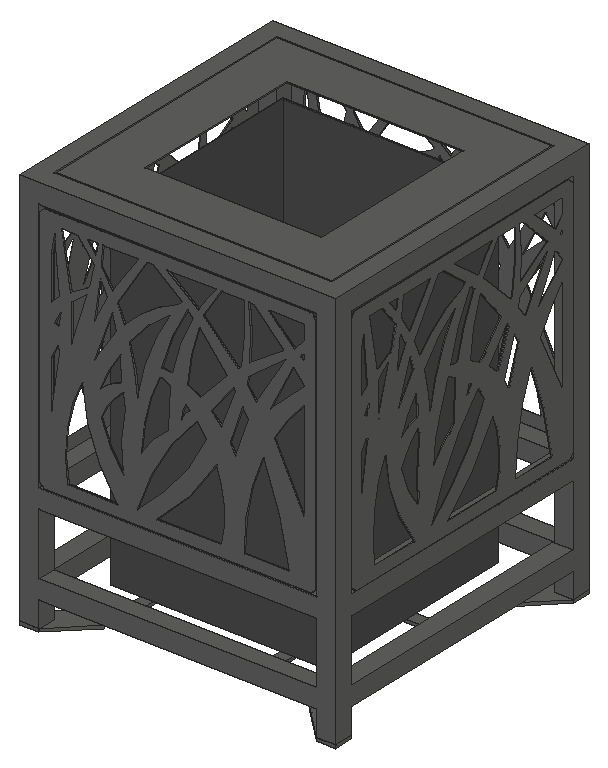
Revit family
Parameters (values of type "TG2-2000")
  Width = 2' - 1"
  URL = "http://www.sitescapesonline.com/index.asp"
  Type Comments = "36. Gal Square, Capacity,Flat Top"
  Shell Material = Steel - SiteScapes - Powder Coat - Onyx
  Shell Bottom Inset = 0' - 0"
  Product Page URL = "http://www.sitescapesonline.com/tallgrass-trash-receptacles.asp"
  Product Documentation Link = "http://www.sitescapesonline.com/pdf/TG2-2000%20-%20Customer%20Print.PDF"
  Model = "TG2-2000"
  Manufacturer = "SiteScapes Inc."  # constant formula
  Lid Bottom Inset = 2' - 7 7/8"
  Height = 2' - 7 7/8"
  Diameter = 2' - 0 1/2"
  Description = "Top Opening, Surface Mount"
  Depth = 2' - 1"
  Copyright © = "2010 SiteScapes Inc."  # constant formula
  Body Bottom Inset = 0' - 2 1/2"
  Assembly Code = ""
  03 Lid Type = Lid-Flat_Top-SiteScapes-Square : 24"
  02 Body Type = Liner-Receptacle-SiteScapes-Square : 36 Gal.
Reference planes (in)
  plane 1 "Center Front/Back": y = 0
  plane 2 "Original Bottom": z = 0
  plane 3 "Center Left/Right": x = 0
  plane 4 "Left": x = -12.5
  plane 5 "Right": x = 12.5
  plane 6 "Front": y = -12.5
  plane 7 "Top": z = 31.875
  plane 8 "Shell Bottom": z = 0
  plane 9 "Body Top": z = 2.5
  plane 10 "Lid Bottom": z = 31.875
  plane 11 "Back": y = 12.5
Dimensions and locks (in)
  equal spacing: plane 4 "Left", plane 3 "Center Left/Right", plane 5 "Right"
  "Width": plane 4 "Left" to plane 5 "Right"
  equal spacing: plane 11 "Back", plane 1 "Center Front/Back", plane 6 "Front"
  "Depth": plane 11 "Back" to plane 6 "Front"
  "Height": plane 7 "Top" to plane 2 "Original Bottom"
  "Lid Bottom Inset": plane 10 "Lid Bottom" to plane 2 "Original Bottom"
  "Shell Bottom Inset": plane 8 "Shell Bottom" to plane 2 "Original Bottom"
  "Body Bottom Inset": plane 9 "Body Top" to plane 2 "Original Bottom"
  aligned and locked: level to plane 2 "Original Bottom"
  aligned and locked: plane 3 "Center Left/Right" to nested 1
  aligned and locked: plane 1 "Center Front/Back" to nested 1
  aligned and locked: plane 9 "Body Top" to nested 1
  aligned and locked: plane 4 "Left" to nested 2
  aligned and locked: plane 11 "Back" to nested 2
  aligned and locked: plane 7 "Top" to nested 2
  aligned and locked: plane 10 "Lid Bottom" to nested 3
  aligned and locked: plane 1 "Center Front/Back" to nested 3
  aligned and locked: plane 3 "Center Left/Right" to nested 3
  aligned and locked: plane 1 "Center Front/Back" to nested 4
  aligned and locked: plane 3 "Center Left/Right" to nested 4
  aligned and locked: plane 10 "Lid Bottom" to nested 4
  aligned and locked: plane 1 "Center Front/Back" to nested 5
  aligned and locked: plane 3 "Center Left/Right" to nested 5
  aligned and locked: plane 10 "Lid Bottom" to nested 5
Nested families (in)
  nested 1: "Liner-Receptacle-SiteScapes-Square" at (0, 0, 2.5), type <- "02 Body Type", type "36 Gal."
  nested 2: "Shell-Surface-SiteScapes-Square-TallGrass" at (0, 0, 0), type "30 5/8"x40 5/8""
  nested 3: "Lid-Flat_Top-SiteScapes-Square" at (0, 0, 31.815), type <- "03 Lid Type", type "24""
  nested 4: "Lid-Flat_Top-SiteScapes-Square" at (0, 0, 31.815), type <- "03 Lid Type", type "24""
  nested 5: "Lid-Flat_Top-SiteScapes-Square" at (0, 0, 31.815), type <- "03 Lid Type", type "24""
Definition of nested family "Liner-Receptacle-SiteScapes-Square"
  Parameters (values of type "36 Gal.")
    Width = Depth  # 1' - 5 1/16"
    Product Page URL = ""
    Product Documentation Link = ""
    Material = Polyethelene - SiteScapes - High Density - Black
    Height = 2' - 3"
    Depth = 1' - 5 1/16"
    Copyright © = ""
    Assembly Code = ""
  Reference planes (in)
    plane 1 "Center (Front/Back)": y = 0
    plane 2 "Original Bottom": z = 0
    plane 3 "Center (Left/Right)": x = 0
    plane 4 "Left": x = -8.53125
    plane 5 "Right": x = 8.53125
    plane 6 "Front": y = -8.53125
    plane 7 "Top": z = 27
    plane 8 "Back": y = 8.53125
    plane 9 "Left Inset": x = -8.48047
    plane 10 "Back inset": y = 8.48047
    plane 11 "Right Inset": x = 8.48047
    plane 12 "Front Inset": y = -8.48047
    plane 13 "Bottom Inset": z = 0.0625
  Forms (in)
    Extrusion 1, solid, material "Polyethelene - SiteScapes - High Density - Black" <- "Material", detail levels medium+fine
      sketch origin (0, 0, 0) x (1, 0, 0) y (0, 1, 0)
        loop
          line (-8.53125, -8.53125) -> (8.53125, -8.53125) -> (8.53125, 8.53125) -> (-8.53125, 8.53125) -> (-8.53125, -8.53125)
      from 0 to 27
    Extrusion 2, void
      sketch origin (0, 0, 0) x (1, 0, 0) y (0, 1, 0)
        loop
          line (-8.48047, -8.48047) -> (8.48047, -8.48047) -> (8.48047, 8.48047) -> (-8.48047, 8.48047) -> (-8.48047, -8.48047)
      from 0.0625 to 27
  Cuts and joins
    Extrusion 2 cuts Extrusion 1
  Lines and regions (in)
    Masking region 1
      outline origin (0, 0, 0) x (1, 0, 0) y (0, 0, 1)
        loop
          line (-8.53125, 27) -> (-8.53125, 0) -> (8.53125, 0) -> (8.53125, 27) -> (-8.53125, 27)
    Masking region 2
      outline origin (0, 0, 0) x (0, 1, 0) y (0, 0, 1)
        loop
          line (-8.53125, 27) -> (-8.53125, 0) -> (8.53125, 0) -> (8.53125, 27) -> (-8.53125, 27)
    model lines, style "Receptor Shell", detail levels coarse
      curve 1: line (-8.53125, 8.53125, 0) -> (8.53125, 8.53125, 0)
      curve 2: line (-8.53125, -8.53125, 0) -> (-8.53125, 8.53125, 0)
      curve 3: line (8.53125, -8.53125, 0) -> (-8.53125, -8.53125, 0)
      curve 4: line (8.53125, 8.53125, 0) -> (8.53125, -8.53125, 0)
      curve 5: line (-8.53125, 8.53125, 27) -> (8.53125, 8.53125, 27)
      curve 6: line (-8.53125, -8.53125, 27) -> (-8.53125, 8.53125, 27)
      curve 7: line (8.53125, -8.53125, 27) -> (-8.53125, -8.53125, 27)
      curve 8: line (8.53125, 8.53125, 27) -> (8.53125, -8.53125, 27)
      curve 9: line (-8.53125, -8.53125, 0) -> (-8.53125, -8.53125, 27)
      curve 10: line (8.53125, -8.53125, 0) -> (8.53125, -8.53125, 27)
      curve 11: line (-8.53125, 8.53125, 0) -> (-8.53125, 8.53125, 27)
      curve 12: line (8.53125, 8.53125, 0) -> (8.53125, 8.53125, 27)
  Dimensions and locks (in)
    equal spacing: plane 4 "Left", plane 3 "Center (Left/Right)", plane 5 "Right"
    "Width": plane 4 "Left" to plane 5 "Right"
    "Height": plane 7 "Top" to plane 2 "Original Bottom"
    equal spacing: plane 8 "Back", plane 1 "Center (Front/Back)", plane 6 "Front"
    "Depth": plane 6 "Front" to plane 8 "Back"
    locked: plane 12 "Front Inset" to plane 6 "Front" at 0.05078
    locked: plane 11 "Right Inset" to plane 5 "Right" at 0.05078
    locked: plane 4 "Left" to plane 9 "Left Inset" at 0.05078
    locked: plane 8 "Back" to plane 10 "Back inset" at 0.05078
    locked: plane 13 "Bottom Inset" to plane 2 "Original Bottom" at 0.0625
    aligned and locked: plane 2 "Original Bottom" to level
    aligned and locked: Masking region 1 sketch curve to plane 7 "Top"
    aligned and locked: Masking region 1 sketch curve to plane 4 "Left"
    aligned and locked: Masking region 1 sketch curve to plane 5 "Right"
    aligned and locked: plane 2 "Original Bottom" to Masking region 1 sketch curve
    aligned and locked: Masking region 2 sketch curve to plane 7 "Top"
    aligned and locked: plane 6 "Front" to Masking region 2 sketch curve
    aligned and locked: plane 8 "Back" to Masking region 2 sketch curve
    aligned and locked: plane 2 "Original Bottom" to Masking region 2 sketch curve
    aligned and locked: Extrusion 1 sketch curve to plane 4 "Left"
    aligned and locked: plane 8 "Back" to Extrusion 1 sketch curve
    aligned and locked: plane 5 "Right" to Extrusion 1 sketch curve
    aligned and locked: Extrusion 1 sketch curve to plane 6 "Front"
    aligned and locked: plane 7 "Top" to Extrusion 1
    aligned and locked: Extrusion 1 to plane 2 "Original Bottom"
    aligned and locked: Extrusion 2 sketch curve to plane 9 "Left Inset"
    aligned and locked: Extrusion 2 sketch curve to plane 10 "Back inset"
    aligned and locked: Extrusion 2 sketch curve to plane 11 "Right Inset"
    aligned and locked: Extrusion 2 sketch curve to plane 12 "Front Inset"
    aligned and locked: plane 7 "Top" to Extrusion 2
    aligned and locked: Extrusion 2 to plane 13 "Bottom Inset"
    aligned and locked: curve 2 to plane 4 "Left"
    aligned and locked: curve 6 to plane 4 "Left"
    aligned and locked: plane 8 "Back" to curve 1
    aligned and locked: plane 8 "Back" to curve 5
    aligned and locked: curve 4 to plane 5 "Right"
    aligned and locked: curve 8 to plane 5 "Right"
    aligned and locked: plane 6 "Front" to curve 3
    aligned and locked: plane 6 "Front" to curve 7
    aligned and locked: plane 7 "Top" to curve 9
    aligned and locked: plane 7 "Top" to curve 11
    aligned and locked: plane 7 "Top" to curve 10
    aligned and locked: plane 7 "Top" to curve 12
    aligned and locked: plane 2 "Original Bottom" to curve 10
    aligned and locked: plane 2 "Original Bottom" to curve 12
    aligned and locked: plane 2 "Original Bottom" to curve 9
    aligned and locked: plane 2 "Original Bottom" to curve 11
    aligned and locked: curve 9 to plane 4 "Left"
    aligned and locked: curve 11 to plane 4 "Left"
    aligned and locked: plane 5 "Right" to curve 10
    aligned and locked: plane 5 "Right" to curve 12
Definition of nested family "Shell-Surface-SiteScapes-Square-TallGrass"
  Parameters (values of type "30 5/8"x40 5/8"")
    Width = 2' - 1"
    Product Page URL = ""
    Product Documentation Link = ""
    Material = Steel - SiteScapes - Powder Coat - Onyx
    Length = 2' - 7 1/4"
    Height = 2' - 7 7/8"
    Copyright © = ""
    CTRL Bars Height = Height - CTRL Bars Bottom Inset  # 2' - 4 3/8"
    CTRL Bars Bottom Inset = 0' - 3 1/2"  # constant formula
    Bar Count = 28  # constant formula
    Assembly Code = ""
  Reference planes (in)
    plane 1 "Center (Front/Back)": y = 0
    plane 2 "Original Bottom": z = 0
    plane 3 "Center (Left/Right)": x = 0
    plane 4 "Left": x = -12.5
    plane 5 "Right": x = 12.5
    plane 6 "Front": y = -12.5
    plane 7 "Top": z = 31.875
    plane 8 "Back": y = 12.5
    plane 9 "Middle Bar Bottom": z = 8.75
    plane 10 "Bottom Bar": z = 2.25
    plane 11 "Left Inside Leg": x = -11
    plane 12 "Right Inside Leg": x = 11
    plane 13 "Top Bar": z = 30.375
    plane 14: z = 10.3125
    plane 15 "Middle Bar": z = 10.25
    plane 16: y = 11
    plane 17: y = -11
    plane 18: y = 11
    plane 19: y = -11
    plane 20: y = 11
    plane 21: y = -11
    plane 22: y = -10.9375
    plane 23: x = -10.9375
  Forms (in)
    Sweep 1, solid, material "Steel - SiteScapes - Powder Coat - Onyx" <- "Material", detail levels medium+fine
      path origin (12.5, 0, 6.5) x (0, -1, 0) y (0, 0, 1)
        loop
          line (-11, 2.25) -> (-11, 3.75)
      profile origin (12.5, 11, 9.5) x (0, -1, 0) y (1, 0, 0)
        loop
          line (-1.5, -25) -> (23.5, -25) -> (23.5, 0) -> (-1.5, 0) -> (-1.5, -25)
        loop
          line (0, -23.5) -> (22, -23.5) -> (22, -1.5625) -> (0, -1.5625) -> (0, -23.5)
    Sweep 2, solid, material "Steel - SiteScapes - Powder Coat - Onyx" <- "Material", detail levels medium+fine
      path origin (12.5, 0, 28.125) x (0, -1, 0) y (0, 0, 1)
        loop
          line (-11, 2.25) -> (-11, 3.75)
      profile origin (12.5, 11, 31.125) x (0, -1, 0) y (1, 0, 0)
        loop
          line (-1.5, -25) -> (23.5, -25) -> (23.5, 0) -> (-1.5, 0) -> (-1.5, -25)
        loop
          line (0, -23.5) -> (22, -23.5) -> (22, -1.5625) -> (0, -1.5625) -> (0, -23.5)
    Sweep 3, solid, material "Steel - SiteScapes - Powder Coat - Onyx" <- "Material", detail levels medium+fine
      path origin (12.5, 0, 0) x (0, -1, 0) y (0, 0, 1)
        loop
          line (-12.5, 0) -> (-12.5, 31.875)
      profile origin (12.5, 12.5, 15.9375) x (0, -1, 0) y (1, 0, 0)
        loop
          line (0, -25) -> (1.5, -25) -> (1.5, -23.5) -> (0, -23.5) -> (0, -25)
        loop
          line (0, -1.5) -> (1.5, -1.5) -> (1.5, 0) -> (0, 0) -> (0, -1.5)
        loop
          line (25, 0) -> (23.5, 0) -> (23.5, -1.5) -> (25, -1.5) -> (25, 0)
        loop
          line (25, -25) -> (25, -23.5) -> (23.5, -23.5) -> (23.5, -25) -> (25, -25)
    Sweep 4, solid, material "Steel - SiteScapes - Powder Coat - Onyx" <- "Material", detail levels medium+fine
      path origin (12.5, 0, 0) x (0, -1, 0) y (0, 0, 1)
        loop
          line (12.5, 0) -> (12.5, 0.25)
      profile origin (12.5, -12.5, 0.125) x (0, -1, 0) y (1, 0, 0)
        loop
          line (0, -25) -> (0, -23.5) -> (-2.82843, -20.67157) -> (-4.32843, -22.17157) -> (-1.5, -25) -> (0, -25)
        loop
          line (0, 0) -> (-1.5, 0) -> (-4.32843, -2.82843) -> (-2.82843, -4.32843) -> (0, -1.5) -> (0, 0)
        loop
          line (-25, -25) -> (-23.5, -25) -> (-20.67157, -22.17157) -> (-22.17157, -20.67157) -> (-25, -23.5) -> (-25, -25)
        loop
          line (-25, 0) -> (-25, -1.5) -> (-22.17157, -4.32843) -> (-20.67157, -2.82843) -> (-23.5, 0) -> (-25, 0)
    Sweep 5, solid, material "Steel - SiteScapes - Powder Coat - Onyx" <- "Material", detail levels medium+fine
      path origin (12.5, 0, 0) x (0, -1, 0) y (0, 0, 1)
        loop
          line (0, 2.25) -> (0, 2.5)
      profile origin (12.5, 0, 2.375) x (0, -1, 0) y (1, 0, 0)
        loop
          line (-11, -17.56858) -> (-11, -18.5725) -> (-0.45297, -18.5725) -> (-0.45297, -23.5) -> (0.55095, -23.5) -> (0.55095, -18.5725) -> (11, -18.5725) -> (11, -17.56858) -> (-11, -17.56858)
        loop
          line (-11, -7.52939) -> (11, -7.52939) -> (11, -6.52547) -> (0.55095, -6.52547) -> (0.55095, -1.5) -> (-0.44905, -1.5) -> (-0.44905, -6.52547) -> (-11, -6.52547) -> (-11, -7.52939)
    Sweep 6, solid, material "Steel - SiteScapes - Powder Coat - Onyx" <- "Material", detail levels medium+fine
      path origin (12.5, 0, 0) x (0, -1, 0) y (0, 0, 1)
        loop
          line (-11, 2.25) -> (-11, 3.75)
      profile origin (12.5, 11, 3) x (0, -1, 0) y (1, 0, 0)
        loop
          line (-1.5, -25) -> (23.5, -25) -> (23.5, 0) -> (-1.5, 0) -> (-1.5, -25)
        loop
          line (0, -23.5) -> (22, -23.5) -> (22, -1.5625) -> (0, -1.5625) -> (0, -23.5)
  Cuts and joins
    joined: Sweep 1, Sweep 2, Sweep 3, Sweep 6
  Lines and regions (in)
    Masking region 1, detail levels medium+fine
      outline origin (12.5, 0, 6.5) x (0, -1, 0) y (0, 0, 1)
        loop
          line (12.5, 25.375) -> (-12.5, 25.375) -> (-12.5, -6.5) -> (-8.17157, -6.5) -> (-8.17157, -6.25) -> (-11, -6.25) -> (-11, -4.25) -> (11, -4.25) -> (11, -6.25) -> (8.17157, -6.25) -> (8.17157, -6.5) -> (12.5, -6.5) -> (12.5, 25.375)
        loop
          line (11, -2.75) -> (11, 2.25) -> (-11, 2.25) -> (-11, -2.75) -> (11, -2.75)
        loop
          line (11, 3.75) -> (11, 23.875) -> (-11, 23.875) -> (-11, 3.75) -> (11, 3.75)
    Masking region 2, detail levels medium+fine
      outline origin (0, 0, 0) x (1, 0, 0) y (0, 0, 1)
        loop
          line (-12.5, 31.875) -> (-12.5, 0) -> (-8.17157, 0) -> (-8.17157, 0.25) -> (-11, 0.25) -> (-11, 2.25) -> (11, 2.25) -> (11, 0.25) -> (8.17157, 0.25) -> (8.17157, 0) -> (12.5, 0) -> (12.5, 31.875) -> (-12.5, 31.875)
        loop
          line (-11, 8.75) -> (-11, 3.75) -> (10.9375, 3.75) -> (10.9375, 8.75) -> (-11, 8.75)
        loop
          line (-11, 30.375) -> (-11, 10.25) -> (11, 10.25) -> (11, 30.375) -> (-11, 30.375)
    Masking region 3, detail levels medium+fine
      outline origin (0, 0, 2.25) x (0, 1, 0) y (-1, 0, 0)
        loop
          line (12.5, 12.5) -> (-12.5, 12.5) -> (-12.5, -12.5) -> (12.5, -12.5) -> (12.5, 12.5)
        loop
          line (11, 9.5) -> (9.67157, 8.17157) -> (8.17157, 9.67157) -> (9.5, 11) -> (0.45297, 11) -> (0.45297, 6.0725) -> (11, 6.0725) -> (11, 9.5)
        loop
          line (-9.5, 11) -> (-8.17157, 9.67157) -> (-9.67157, 8.17157) -> (-10.9375, 9.4375) -> (-10.9375, 6.0725) -> (-0.55095, 6.0725) -> (-0.55095, 11) -> (-9.5, 11)
        loop
          line (-10.9375, -9.4375) -> (-9.67157, -8.17157) -> (-8.17157, -9.67157) -> (-9.5, -11) -> (-0.55095, -11) -> (-0.55095, -5.97453) -> (-10.9375, -5.97453) -> (-10.9375, -9.4375)
        loop
          line (9.5, -11) -> (8.17157, -9.67157) -> (9.67157, -8.17157) -> (11, -9.5) -> (11, -5.97453) -> (0.44905, -5.97453) -> (0.44905, -11) -> (9.5, -11)
        loop
          line (-10.9375, -4.97061) -> (11, -4.97061) -> (11, 5.06858) -> (-10.9375, 5.06858) -> (-10.9375, -4.97061)
    model lines, detail levels coarse
      curve 1: line (12.5, -12.5, 31.875) -> (12.5, -12.5, 0)
      curve 2: line (12.5, 12.5, 0) -> (12.5, 12.5, 31.875)
      curve 3: line (-12.5, -12.5, 31.875) -> (-12.5, -12.5, 0)
      curve 4: line (-12.5, 12.5, 0) -> (-12.5, 12.5, 31.875)
      curve 5: line (-12.5, -12.5, 0) -> (-8.92157, -8.92157, 0)
      curve 6: line (-8.92157, 8.92157, 0) -> (-12.5, 12.5, 0)
      curve 7: line (8.92157, 8.92157, 0) -> (12.5, 12.5, 0)
      curve 8: line (8.92157, -8.92157, 0) -> (12.5, -12.5, 0)
      curve 9: line (-12.5, 12.5, 31.875) -> (12.5, 12.5, 31.875)
      curve 10: line (-12.5, -12.5, 31.875) -> (-12.5, 12.5, 31.875)
      curve 11: line (12.5, -12.5, 31.875) -> (-12.5, -12.5, 31.875)
      curve 12: line (12.5, 12.5, 31.875) -> (12.5, -12.5, 31.875)
      curve 13: line (-12.5, 12.5, 8.75) -> (12.5, 12.5, 8.75)
      curve 14: line (-12.5, -12.5, 8.75) -> (-12.5, 12.5, 8.75)
      curve 15: line (12.5, -12.5, 8.75) -> (-12.5, -12.5, 8.75)
      curve 16: line (12.5, 12.5, 8.75) -> (12.5, -12.5, 8.75)
      curve 17: line (-12.5, 12.5, 2.25) -> (12.5, 12.5, 2.25)
      curve 18: line (-12.5, -12.5, 2.25) -> (-12.5, 12.5, 2.25)
      curve 19: line (12.5, -12.5, 2.25) -> (-12.5, -12.5, 2.25)
      curve 20: line (12.5, 12.5, 2.25) -> (12.5, -12.5, 2.25)
      curve 21: line (-5.06858, -12.5, 2.25) -> (-5.06858, 12.5, 2.25)
      curve 22: line (-5.06858, 0, 2.25) -> (-12.5, 0, 2.25)
      curve 23: line (5.47257, 12.5, 2.25) -> (5.47257, -12.5, 2.25)
      curve 24: line (5.47257, 0, 2.25) -> (12.5, 0, 2.25)
  Dimensions and locks (in)
    equal spacing: plane 4 "Left", plane 3 "Center (Left/Right)", plane 5 "Right"
    "Width": plane 4 "Left" to plane 5 "Right"
    equal spacing: plane 8 "Back", plane 1 "Center (Front/Back)", plane 6 "Front"
    "Width": plane 6 "Front" to plane 8 "Back"
    "Height": plane 7 "Top" to plane 2 "Original Bottom"
    plane 7 "Top" to plane 2 "Original Bottom" = 2' - 7 7/8"
    locked: plane 9 "Middle Bar Bottom" to plane 2 "Original Bottom" at 8.75
    locked: plane 14 to plane 15 "Middle Bar" at 0.0625
    aligned and locked: plane 2 "Original Bottom" to level
    aligned and locked: plane 14 to nested 1
    aligned and locked: plane 8 "Back" to nested 2
    aligned and locked: nested 4 to plane 4 "Left"
    aligned and locked: plane 5 "Right" to nested 3
    aligned and locked: nested 1 to plane 6 "Front"
    aligned and locked: Sweep 1 sketch curve to plane 16
    aligned and locked: plane 17 to Sweep 1 sketch curve
    aligned and locked: Sweep 2 sketch curve to plane 18
    aligned and locked: plane 19 to Sweep 2 sketch curve
    aligned and locked: plane 9 "Middle Bar Bottom" to Sweep 1
    aligned and locked: plane 15 "Middle Bar" to Sweep 1
    aligned and locked: plane 13 "Top Bar" to Sweep 2
    aligned and locked: plane 7 "Top" to Sweep 2
    aligned and locked: Sweep 4 sketch curve to plane 4 "Left"
    aligned and locked: Sweep 4 sketch curve to plane 6 "Front"
    aligned and locked: Sweep 6 sketch curve to plane 20
    aligned and locked: plane 21 to Sweep 6 sketch curve
    aligned and locked: Masking region 1 sketch curve to Sweep 3  (x2)
    aligned and locked: Masking region 1 sketch curve to Sweep 2
    aligned and locked: Masking region 1 sketch curve to Sweep 4  (x3)
    aligned and locked: Sweep 4 to Masking region 1 sketch curve  (x2)
    aligned and locked: Sweep 3 to Masking region 1 sketch curve  (x5)
    aligned and locked: Sweep 6 to Masking region 1 sketch curve  (x2)
    aligned and locked: Sweep 1 to Masking region 1 sketch curve  (x2)
    aligned and locked: Sweep 2 to Masking region 1 sketch curve
    aligned and locked: Masking region 2 sketch curve to Sweep 3  (x2)
    aligned and locked: Masking region 2 sketch curve to Sweep 2  (x3)
    aligned and locked: Sweep 4 to Masking region 2 sketch curve
    aligned and locked: Masking region 2 sketch curve to Sweep 4  (x2)
    aligned and locked: Masking region 2 sketch curve to Sweep 1  (x2)
    aligned and locked: Sweep 6 to Masking region 2 sketch curve
    aligned and locked: Masking region 2 sketch curve to Sweep 6
    aligned and locked: plane 15 "Middle Bar" to Masking region 2 sketch curve
    aligned and locked: Masking region 2 sketch curve to plane 12 "Right Inside Leg"
    aligned and locked: plane 14 to nested 3
    aligned and locked: nested 4 to plane 14
    aligned and locked: plane 22 to nested 3
    aligned and locked: nested 4 to plane 22
    aligned and locked: nested 2 to plane 14
    aligned: nested 2 to plane 14
    aligned and locked: plane 23 to nested 1
    aligned and locked: nested 2 to plane 23
    aligned and locked: curve 1 to plane 6 "Front"
    aligned and locked: curve 2 to plane 8 "Back"
    aligned and locked: curve 7 to plane 2 "Original Bottom"
    aligned and locked: plane 2 "Original Bottom" to curve 8
    aligned and locked: plane 8 "Back" to curve 4
    aligned and locked: plane 6 "Front" to curve 3
    aligned and locked: plane 2 "Original Bottom" to Sweep 4
    aligned and locked: plane 2 "Original Bottom" to curve 5
    aligned and locked: plane 2 "Original Bottom" to curve 6
    aligned and locked: curve 10 to plane 4 "Left"
    aligned and locked: plane 8 "Back" to curve 9
    aligned and locked: curve 12 to plane 5 "Right"
    aligned and locked: plane 6 "Front" to curve 11
    aligned and locked: curve 14 to plane 4 "Left"
    aligned and locked: plane 8 "Back" to curve 13
    aligned and locked: curve 16 to plane 5 "Right"
    aligned and locked: plane 6 "Front" to curve 15
    aligned and locked: curve 18 to plane 4 "Left"
    aligned and locked: plane 8 "Back" to curve 17
    aligned and locked: curve 20 to plane 5 "Right"
    aligned and locked: plane 6 "Front" to curve 19
    aligned and locked: plane 7 "Top" to curve 12
    aligned and locked: plane 9 "Middle Bar Bottom" to curve 16
    aligned and locked: plane 10 "Bottom Bar" to curve 20
    aligned and locked: plane 10 "Bottom Bar" to curve 23
    aligned and locked: curve 21 to plane 10 "Bottom Bar"
    aligned and locked: Masking region 3 sketch curve to plane 4 "Left"
    aligned and locked: Masking region 3 sketch curve to plane 5 "Right"
    aligned and locked: plane 8 "Back" to Masking region 3 sketch curve
    aligned and locked: plane 6 "Front" to Masking region 3 sketch curve
    aligned and locked: Masking region 3 sketch curve to plane 22
    aligned and locked: Sweep 2 to Masking region 3 sketch curve
    aligned and locked: plane 11 "Left Inside Leg" to Masking region 3 sketch curve
    aligned and locked: Masking region 3 sketch curve to plane 12 "Right Inside Leg"
    aligned and locked: Sweep 4 to Masking region 3 sketch curve  (x4)
    aligned and locked: Masking region 3 sketch curve to Sweep 4  (x8)
  Automatic sketch dimensions
    Sweep 1 sketch curve to plane 15 "Middle Bar" = 0' - 0"
    Sweep 1 sketch curve to plane 9 "Middle Bar Bottom" = 0' - 0"
    Sweep 1 sketch curve to plane 8 "Back" = 0' - 1 1/2"
    Sweep 1 sketch curve to plane 5 "Right" = 0' - 0"
    profile plane to Sweep 1 sketch curve = 0' - 1 1/2"
    Sweep 1 sketch curve to plane 17 = 0' - 1 1/2"
    Sweep 1 sketch curve to plane 5 "Right" = 0' - 1 9/16"
    Sweep 1 sketch curve to Sweep 1 sketch curve = 1' - 9 15/16"
    Sweep 1 sketch curve to Sweep 1 sketch curve = 0' - 1 1/2"
    Sweep 2 sketch curve to plane 7 "Top" = 0' - 0"
    Sweep 2 sketch curve to plane 13 "Top Bar" = 0' - 0"
    Sweep 2 sketch curve to plane 8 "Back" = 0' - 1 1/2"
    Sweep 2 sketch curve to plane 5 "Right" = 0' - 0"
    profile plane to Sweep 2 sketch curve = 0' - 1 1/2"
    Sweep 2 sketch curve to plane 19 = 0' - 1 1/2"
    Sweep 2 sketch curve to plane 5 "Right" = 0' - 1 9/16"
    Sweep 2 sketch curve to Sweep 2 sketch curve = 1' - 9 15/16"
    Sweep 2 sketch curve to Sweep 2 sketch curve = 0' - 1 1/2"
    Sweep 3 sketch curve to plane 7 "Top" = 0' - 0"
    Sweep 3 sketch curve to plane 8 "Back" = 0' - 0"
    Sweep 3 sketch curve to level = 0' - 0"
    Sweep 3 sketch curve to profile plane = 0' - 0"  (x2)
    Sweep 3 sketch curve to plane 5 "Right" = 0' - 0"  (x2)
    Sweep 3 sketch curve to profile plane = 0' - 1 1/2"
    Sweep 3 sketch curve to Sweep 3 sketch curve = 0' - 1 1/2"  (x7)
    Sweep 3 sketch curve to Sweep 3 sketch curve = 1' - 10"  (x3)
    Sweep 3 sketch curve to Sweep 3 sketch curve = 0' - 0"
    Sweep 4 sketch curve to plane 6 "Front" = 0' - 0"
    Sweep 4 sketch curve to level = 0' - 0"
    Sweep 4 sketch curve to Sweep 4 sketch curve = 0' - 0 1/4"
    Sweep 4 sketch curve to plane 5 "Right" = 0' - 0"  (x2)
    Sweep 4 sketch curve to profile plane = 0' - 0"
    profile plane to Sweep 4 sketch curve = 0' - 1 1/2"  (x2)
    profile plane to Sweep 4 sketch curve = 0' - 2.82843"  (x2)
    Sweep 4 sketch curve to Sweep 4 sketch curve = 0' - 1 1/2"  (x8)
    Sweep 4 sketch curve to plane 5 "Right" = 0' - 2.82843"  (x2)
    Sweep 4 sketch curve to Sweep 4 sketch curve = 1' - 4.34315"  (x2)
    Sweep 4 sketch curve to plane 5 "Right" = 0' - 4.32843"
    Sweep 4 sketch curve to Sweep 4 sketch curve = 0' - 2.82843"
    Sweep 4 sketch curve to Sweep 4 sketch curve = 1' - 8.67157"
    profile plane to Sweep 5 sketch curve = 0' - 11"  (x2)
    profile plane to Sweep 5 sketch curve = 0' - 0.45297"
    profile plane to Sweep 5 sketch curve = 0' - 0.44905"
    Sweep 5 sketch curve to profile plane = 0' - 0.55095"  (x2)
    Sweep 5 sketch curve to Sweep 5 sketch curve = 0' - 10.44905"  (x2)
    Sweep 5 sketch curve to plane 5 "Right" = 1' - 11 1/2"
    Sweep 5 sketch curve to Sweep 5 sketch curve = 0' - 4.9275"
    Sweep 5 sketch curve to Sweep 5 sketch curve = 0' - 0"
    Sweep 5 sketch curve to Sweep 5 sketch curve = 0' - 1 1/256"  (x3)
    Sweep 5 sketch curve to plane 5 "Right" = 0' - 7.52939"
    Sweep 5 sketch curve to plane 5 "Right" = 0' - 1 1/2"
    Sweep 5 sketch curve to plane 1 "Center (Front/Back)" = 0' - 0"
    Sweep 5 sketch curve to plane 10 "Bottom Bar" = 0' - 0"
    Sweep 5 sketch curve to plane 10 "Bottom Bar" = 0' - 0 1/4"
    Sweep 6 sketch curve to plane 10 "Bottom Bar" = 0' - 0"
    Sweep 6 sketch curve to plane 8 "Back" = 0' - 1 1/2"
    Sweep 6 sketch curve to plane 10 "Bottom Bar" = 0' - 1 1/2"
    Sweep 6 sketch curve to plane 5 "Right" = 0' - 0"
    profile plane to Sweep 6 sketch curve = 0' - 1 1/2"
    Sweep 6 sketch curve to plane 21 = 0' - 1 1/2"
    Sweep 6 sketch curve to plane 5 "Right" = 0' - 1 9/16"
    Sweep 6 sketch curve to Sweep 6 sketch curve = 1' - 9 15/16"
    Sweep 6 sketch curve to Sweep 6 sketch curve = 0' - 1 1/2"
    Masking region 1 sketch curve to level = 0' - 0"
    Masking region 1 sketch curve to Masking region 1 sketch curve = 0' - 0"
    Masking region 2 sketch curve to plane 11 "Left Inside Leg" = 0' - 0"
    Masking region 2 sketch curve to level = 0' - 0"
    Masking region 2 sketch curve to plane 10 "Bottom Bar" = 0' - 0"
    Masking region 2 sketch curve to plane 12 "Right Inside Leg" = 0' - 0"
    plane 11 "Left Inside Leg" to Masking region 2 sketch curve = 0' - 2.82843"
    level to Masking region 2 sketch curve = 0' - 0 1/4"
    curve 2 to level = 0' - 0"
    curve 2 to plane 7 "Top" = 0' - 0"
    curve 1 to plane 7 "Top" = 0' - 0"
    curve 4 to level = 0' - 0"
    curve 4 to plane 7 "Top" = 0' - 0"
    curve 3 to plane 7 "Top" = 0' - 0"
    curve 3 to level = 0' - 0"
    curve 1 to level = 0' - 0"
    curve 6 to plane 4 "Left" = 0' - 0"
    curve 5 to plane 4 "Left" = 0' - 0"
    curve 8 to plane 5 "Right" = 0' - 0"
    curve 7 to plane 5 "Right" = 0' - 0"
    curve 8 to plane 6 "Front" = 0' - 0"
    curve 5 to plane 6 "Front" = 0' - 0"
    plane 8 "Back" to curve 7 = 0' - 0"
    plane 8 "Back" to curve 6 = 0' - 0"
    curve 6 to plane 23 = 0' - 2.01593"
    curve 5 to plane 23 = 0' - 2.01593"
    curve 8 to plane 12 "Right Inside Leg" = 0' - 2.07843"
    curve 7 to plane 12 "Right Inside Leg" = 0' - 2.07843"
    curve 8 to plane 22 = 0' - 2.01593"
    curve 5 to plane 22 = 0' - 2.01593"
    plane 8 "Back" to curve 7 = 0' - 3.57843"
    plane 8 "Back" to curve 6 = 0' - 3.57843"
    plane 1 "Center (Front/Back)" to curve 22 = 0' - 0"
    plane 1 "Center (Front/Back)" to curve 24 = 0' - 0"
    plane 3 "Center (Left/Right)" to curve 23 = 0' - 5.47257"
    curve 22 to plane 3 "Center (Left/Right)" = 0' - 5.06858"
    plane 1 "Center (Front/Back)" to Masking region 3 sketch curve = 0' - 0.55095"  (x2)
    Masking region 3 sketch curve to plane 1 "Center (Front/Back)" = 0' - 0.44905"
    Masking region 3 sketch curve to Masking region 3 sketch curve = 0' - 0"  (x2)
    Masking region 3 sketch curve to Masking region 3 sketch curve = 0' - 1 1/256"  (x3)
    Masking region 3 sketch curve to plane 12 "Right Inside Leg" = 0' - 0"
    plane 22 to Masking region 3 sketch curve = 0' - 0"  (x2)
    Masking region 3 sketch curve to plane 11 "Left Inside Leg" = 0' - 0"
    Masking region 3 sketch curve to plane 1 "Center (Front/Back)" = 0' - 0.45297"
    Masking region 3 sketch curve to Masking region 3 sketch curve = 0' - 1.32843"
    Masking region 3 sketch curve to Masking region 3 sketch curve = 0' - 2.19705"
    Masking region 3 sketch curve to Masking region 3 sketch curve = 0' - 2.09907"
  Nested families (in)
    nested 1: "Panel-SiteScapes-Tall_Grass_Detail" at (0, -12.5, 10.3125), type "5/16"x11/2""
    nested 2: "Panel-SiteScapes-Tall_Grass_Detail" at (0, 12.5, 10.3125), type "5/16"x11/2""
    nested 3: "Panel-SiteScapes-Tall_Grass_Detail" at (12.5, 0, 10.3125) x (0, 1, 0) z (0, 0, 1), type "5/16"x11/2""
    nested 4: "Panel-SiteScapes-Tall_Grass_Detail" at (-12.5, 0, 10.3125) x (0, 1, 0) z (0, 0, 1), type "5/16"x11/2""
  Definition of nested family "Panel-SiteScapes-Tall_Grass_Detail"
    Parameters (values of type "5/16"x11/2"")
      Width = 1' - 11 1/2"
      Product Page URL = ""
      Product Documentation Link = ""
      Material = Steel - SiteScapes - Powder Coat - Onyx
      Height = 0' - 1"
      Depth = 0' - 0 1/4"
      Copyright © = ""
      Assembly Code = ""
    Reference planes (in)
      plane 1 "Center (Front/Back)": y = 0
      plane 2 "Original Bottom": z = 0
      plane 3 "Center (Left/Right)": x = 0
      plane 4 "Left": x = -10.9375
      plane 5 "Right": x = 10.9375
      plane 6: y = 0.0625
      plane 7 "Top": z = 19.875
    Forms (in)
      Extrusion 1, solid, material "Steel - SiteScapes - Powder Coat - Onyx" <- "Material", detail levels medium+fine
        sketch origin (0, 0, 0) x (1, 0, 0) y (0, 0, 1)
          loop
            line (-10.9375, 0.375) -> (-10.5625, 0) -> (10.5625, 0) -> (10.9375, 0.375) -> (10.9375, 19.5) -> (10.5625, 19.875) -> (-10.5625, 19.875) -> (-10.9375, 19.5) -> (-10.9375, 0.375)
          loop
            line (-10, 9.5511) -> (-10, 6.89819)
            arc (-10, 6.89819) -> (-9.98412, 6.31119) -> (-10, 5.7242) r 10.85833
            arc (-10, 5.7242) -> (-9.58292, 7.85505) -> (-9.35849, 10.01471) r 24.20229
            arc (-9.35849, 10.01471) -> (-9.41013, 10.31321) -> (-9.46791, 10.61058) r 14.69322
            arc (-9.46791, 10.61058) -> (-9.7413, 10.08453) -> (-10, 9.5511) r 21.37005
          loop
            arc (-9.35849, 11.80125) -> (-9.31296, 12.35506) -> (-9.28016, 12.90978) r 24.20229
            arc (-9.28016, 12.90978) -> (-9.53469, 12.48747) -> (-9.75837, 12.04805) r 6.88886
            arc (-9.75837, 12.04805) -> (-9.55705, 11.92688) -> (-9.35849, 11.80125) r 10.51353
          loop
            arc (-9.3397, 14.01452) -> (-9.43348, 16.19) -> (-9.72242, 18.34825) r 24.20229
            line (-9.72242, 18.34825) -> (-10, 16.89208) -> (-10, 13.4282)
            arc (-10, 13.4282) -> (-9.67519, 13.72737) -> (-9.3397, 14.01452) r 12.13171
          loop
            arc (-8.44826, 14.62376) -> (-7.74345, 15.07748) -> (-7.00899, 15.48144) r 12.13171
            arc (-7.00899, 15.48144) -> (-6.79967, 16.35534) -> (-6.60871, 17.23343) r 42.89899
            arc (-6.60871, 17.23343) -> (-7.25324, 18.12065) -> (-7.96998, 18.95063) r 13.04859
            line (-7.96998, 18.95063) -> (-9.22966, 18.95063)
            arc (-9.22966, 18.95063) -> (-8.74236, 16.80464) -> (-8.44826, 14.62376) r 24.66563
          loop
            arc (-7.13106, 15.00592) -> (-7.79536, 14.53943) -> (-8.40018, 13.99804) r 6.88886
            arc (-8.40018, 13.99804) -> (-8.34987, 12.50857) -> (-8.38962, 11.01878) r 24.66563
            arc (-8.38962, 11.01878) -> (-7.71173, 12.997) -> (-7.13106, 15.00592) r 42.89899
          loop
            arc (-6.46203, 17.97672) -> (-6.37339, 18.46318) -> (-6.29036, 18.95063) r 42.89899
            line (-6.29036, 18.95063) -> (-7.23253, 18.95063)
            arc (-7.23253, 18.95063) -> (-6.83852, 18.47061) -> (-6.46203, 17.97672) r 17.25635
          loop
            arc (-6.04993, 17.3903) -> (-5.58724, 16.66337) -> (-5.16142, 15.91424) r 17.25635
            arc (-5.16142, 15.91424) -> (-4.15186, 17.46544) -> (-3.04749, 18.95063) r 29.65268
            line (-3.04749, 18.95063) -> (-5.91342, 18.95063)
            arc (-5.91342, 18.95063) -> (-5.97753, 18.1701) -> (-6.04993, 17.3903) r 73.69906
          loop
            arc (-5.53795, 15.27637) -> (-5.82586, 15.8865) -> (-6.14493, 16.48094) r 13.04859
            arc (-6.14493, 16.48094) -> (-6.3374, 14.8994) -> (-6.56402, 13.32238) r 73.69906
            arc (-6.56402, 13.32238) -> (-6.06917, 14.30893) -> (-5.53795, 15.27637) r 29.65268
          loop
            arc (-5.18166, 14.37927) -> (-5.95399, 12.49626) -> (-6.56402, 10.5546) r 24.00325
            arc (-6.56402, 10.5546) -> (-5.75641, 11.9003) -> (-4.81358, 13.15498) r 15.11108
            arc (-4.81358, 13.15498) -> (-4.98261, 13.77163) -> (-5.18166, 14.37927) r 13.04859
          loop
            arc (-7.55978, 8.61202) -> (-8.76143, 4.86866) -> (-8.70925, 0.9375) r 12.1916
            line (-8.70925, 0.9375) -> (-4.72724, 0.9375)
            arc (-4.72724, 0.9375) -> (-6.71116, 4.56525) -> (-7.55978, 8.61202) r 14.12747
          loop
            arc (-6.04993, 6.64351) -> (-5.35162, 4.83337) -> (-4.31811, 3.19139) r 10.03755
            arc (-4.31811, 3.19139) -> (-4.41847, 5.5391) -> (-4.16752, 7.87552) r 15.70934
            arc (-4.16752, 7.87552) -> (-4.23093, 8.44579) -> (-4.31811, 9.01292) r 13.73188
            arc (-4.31811, 9.01292) -> (-5.3332, 7.93725) -> (-6.04993, 6.64351) r 5.91904
          loop
            arc (-4.43636, 9.60982) -> (-4.44406, 10.61879) -> (-4.52971, 11.62415) r 13.04859
            arc (-4.52971, 11.62415) -> (-5.44342, 10.17498) -> (-6.14493, 8.61202) r 12.18885
            arc (-6.14493, 8.61202) -> (-5.36122, 9.23177) -> (-4.43636, 9.60982) r 3.56669
          loop
            arc (-3.16158, 9.02599) -> (-2.20608, 12.6505) -> (-0.46578, 15.97036) r 16.68948
            arc (-0.46578, 15.97036) -> (-2.31203, 14.51043) -> (-3.84325, 12.72287) r 12.18885
            arc (-3.84325, 12.72287) -> (-3.40145, 10.89305) -> (-3.16158, 9.02599) r 17.25635
          loop
            arc (1.53546, 9.06732) -> (-1.2996, 5.36647) -> (-3.20771, 1.11288) r 20.13805
            arc (-3.20771, 1.11288) -> (-0.06063, 4.22362) -> (2.28663, 7.97478) r 19.11033
            arc (2.28663, 7.97478) -> (1.9316, 8.53518) -> (1.53546, 9.06732) r 8.82194
          loop
            arc (-0.76329, 7.58207) -> (-0.76674, 9.19573) -> (-0.60482, 10.80125) r 15.72707
            arc (-0.60482, 10.80125) -> (-0.99375, 11.01636) -> (-1.39302, 11.2116) r 8.82194
            arc (-1.39302, 11.2116) -> (-2.44928, 8.3224) -> (-2.87688, 5.27604) r 14.60322
            arc (-2.87688, 5.27604) -> (-1.91576, 6.51674) -> (-0.76329, 7.58207) r 9.48992
          loop
            line (-1.6575, 0.9375) -> (3.44069, 0.9375)
            arc (3.44069, 0.9375) -> (3.7041, 3.73408) -> (3.07506, 6.47171) r 8.82194
            arc (3.07506, 6.47171) -> (0.96471, 3.48575) -> (-1.6575, 0.9375) r 19.85121
          loop
            arc (6.76984, 8.32766) -> (5.60396, 4.71626) -> (5.25412, 0.9375) r 17.28796
            line (5.25412, 0.9375) -> (8.84875, 0.9375)
            arc (8.84875, 0.9375) -> (8.07717, 4.70793) -> (6.76984, 8.32766) r 26.61382
          loop
            line (10, 5.1917) -> (10, 13.11352)
            arc (10, 13.11352) -> (8.73168, 11.61551) -> (7.64133, 9.98338) r 17.28796
            arc (7.64133, 9.98338) -> (8.92959, 7.64116) -> (10, 5.1917) r 29.42867
          loop
            arc (5.58614, 10.5546) -> (5.36631, 10.93291) -> (5.14029, 11.30755) r 26.61382
            arc (5.14029, 11.30755) -> (4.69651, 9.85253) -> (4.14301, 8.43562) r 19.92116
            arc (4.14301, 8.43562) -> (4.36843, 8.04881) -> (4.56991, 7.64901) r 7.36036
            arc (4.56991, 7.64901) -> (5.03589, 9.11654) -> (5.58614, 10.5546) r 26.55594
          loop
            arc (3.48081, 9.33611) -> (4.08393, 10.74197) -> (4.57266, 12.19157) r 19.11033
            arc (4.57266, 12.19157) -> (4.49474, 12.30715) -> (4.41622, 12.42232) r 26.61382
            arc (4.41622, 12.42232) -> (3.50036, 11.31569) -> (2.66571, 10.14659) r 20.13805
            arc (2.66571, 10.14659) -> (3.08911, 9.75728) -> (3.48081, 9.33611) r 7.36036
          loop
            arc (3.94179, 13.09192) -> (2.869, 14.46132) -> (1.70903, 15.75772) r 26.61382
            arc (1.70903, 15.75772) -> (1.08294, 13.57177) -> (0.75521, 11.32167) r 16.94182
            arc (0.75521, 11.32167) -> (1.28964, 11.071) -> (1.80227, 10.77831) r 7.36036
            arc (1.80227, 10.77831) -> (2.83317, 11.97105) -> (3.94179, 13.09192) r 23.47604
          loop
            arc (1.03768, 9.61102) -> (0.8239, 9.75344) -> (0.61261, 9.89954) r 14.83021
            arc (0.61261, 9.89954) -> (0.41126, 9.31954) -> (0.27188, 8.72163) r 5.84228
            arc (0.27188, 8.72163) -> (0.60822, 9.20641) -> (1.03768, 9.61102) r 2.83302
          loop
            arc (1.27363, 16.2029) -> (1.03887, 16.43449) -> (0.80127, 16.66315) r 26.61382
            arc (0.80127, 16.66315) -> (-0.44782, 14.34998) -> (-1.26194, 11.85035) r 14.60322
            arc (-1.26194, 11.85035) -> (-0.8483, 11.79097) -> (-0.4387, 11.70821) r 7.36036
            arc (-0.4387, 11.70821) -> (0.24462, 14.0214) -> (1.27363, 16.2029) r 15.72707
          loop
            arc (0.09784, 16.75278) -> (0.2248, 16.91659) -> (0.35379, 17.0788) r 16.68948
            arc (0.35379, 17.0788) -> (-0.7746, 18.04698) -> (-1.95529, 18.95063) r 26.61382
            line (-1.95529, 18.95063) -> (-2.42648, 18.95063)
            arc (-2.42648, 18.95063) -> (-3.69698, 17.12284) -> (-4.79271, 15.18521) r 24.00325
            arc (-4.79271, 15.18521) -> (-4.48805, 14.50858) -> (-4.21277, 13.81947) r 17.25635
            arc (-4.21277, 13.81947) -> (-2.24314, 15.55898) -> (0.09784, 16.75278) r 10.46148
          loop
            arc (1.6858, 16.98185) -> (2.35282, 18.00442) -> (3.12434, 18.95063) r 11.51673
            line (3.12434, 18.95063) -> (-0.8829, 18.95063)
            arc (-0.8829, 18.95063) -> (0.42854, 18.00158) -> (1.6858, 16.98185) r 29.42867
          loop
            arc (4.80687, 13.87003) -> (4.91193, 13.95938) -> (5.01752, 14.04812) r 23.47604
            arc (5.01752, 14.04812) -> (5.31398, 16.49045) -> (5.29421, 18.95063) r 19.11033
            line (5.29421, 18.95063) -> (3.49575, 18.95063)
            arc (3.49575, 18.95063) -> (2.70575, 17.85665) -> (2.00715, 16.70215) r 16.61277
            arc (2.00715, 16.70215) -> (3.45497, 15.3335) -> (4.80687, 13.87003) r 29.42867
          loop
            arc (5.71959, 14.61216) -> (7.04062, 15.5612) -> (8.4242, 16.41648) r 23.47604
            arc (8.4242, 16.41648) -> (7.2251, 17.71394) -> (5.96343, 18.95063) r 35.78406
            line (5.96343, 18.95063) -> (5.63325, 18.95063)
            arc (5.63325, 18.95063) -> (5.7949, 16.78375) -> (5.71959, 14.61216) r 19.92116
          loop
            arc (9.27426, 16.87911) -> (9.31187, 16.89855) -> (9.34952, 16.91791) r 23.47604
            arc (9.34952, 16.91791) -> (9.67101, 17.31277) -> (10, 17.7014) r 26.55594
            line (10, 17.7014) -> (10, 18.95063) -> (7.0838, 18.95063)
            arc (7.0838, 18.95063) -> (8.19649, 17.93334) -> (9.27426, 16.87911) r 44.70943
          loop
            arc (10, 16.81403) -> (9.93139, 16.77734) -> (9.86293, 16.74038) r 20.13805
            arc (9.86293, 16.74038) -> (9.77439, 16.59863) -> (9.68655, 16.45645) r 34.27681
            arc (9.68655, 16.45645) -> (9.84369, 16.29238) -> (10, 16.12751) r 44.70943
            line (10, 16.12751) -> (10, 16.81403)
          loop
            arc (8.6843, 16.04851) -> (7.08941, 14.92619) -> (5.61055, 13.65487) r 20.13805
            arc (5.61055, 13.65487) -> (5.56399, 13.33744) -> (5.51232, 13.02079) r 19.92116
            arc (5.51232, 13.02079) -> (5.89151, 12.53618) -> (6.26049, 12.04374) r 29.42867
            arc (6.26049, 12.04374) -> (7.38398, 14.09964) -> (8.6843, 16.04851) r 26.55594
          loop
            arc (9.15414, 15.55965) -> (8.21182, 13.79898) -> (7.37364, 11.98642) r 34.27681
            arc (7.37364, 11.98642) -> (8.62878, 13.26527) -> (10, 14.41879) r 18.79557
            line (10, 14.41879) -> (10, 14.49388)
            arc (10, 14.49388) -> (9.58214, 15.03078) -> (9.15414, 15.55965) r 35.78406
        from -0.0625 to 0
    Lines and regions (in)
      Masking region 1, detail levels medium+fine
        outline origin (0, 0, 0) x (1, 0, 0) y (0, 0, 1)
          loop
            line (-10.9375, 0.375) -> (-10.5625, 0) -> (10.5625, 0) -> (10.9375, 0.375) -> (10.9375, 19.5) -> (10.5625, 19.875) -> (-10.5625, 19.875) -> (-10.9375, 19.5) -> (-10.9375, 0.375)
          loop
            line (-10, 16.89208) -> (-10, 13.4282)
            arc (-10, 13.4282) -> (-9.67519, 13.72737) -> (-9.3397, 14.01452) r 12.13171
            arc (-9.3397, 14.01452) -> (-9.43348, 16.19) -> (-9.72242, 18.34825) r 24.20229
            line (-9.72242, 18.34825) -> (-10, 16.89208)
          loop
            arc (-8.44826, 14.62376) -> (-7.74345, 15.07748) -> (-7.00899, 15.48144) r 12.13171
            arc (-7.00899, 15.48144) -> (-6.79967, 16.35534) -> (-6.60871, 17.23343) r 42.89899
            arc (-6.60871, 17.23343) -> (-7.25324, 18.12065) -> (-7.96998, 18.95063) r 13.04859
            line (-7.96998, 18.95063) -> (-9.22966, 18.95063)
            arc (-9.22966, 18.95063) -> (-8.74236, 16.80464) -> (-8.44826, 14.62376) r 24.66563
          loop
            arc (-6.46203, 17.97672) -> (-6.37339, 18.46318) -> (-6.29036, 18.95063) r 42.89899
            line (-6.29036, 18.95063) -> (-7.23253, 18.95063)
            arc (-7.23253, 18.95063) -> (-6.83852, 18.47061) -> (-6.46203, 17.97672) r 17.25635
          loop
            arc (-8.40018, 13.99804) -> (-8.34987, 12.50857) -> (-8.38962, 11.01878) r 24.66563
            arc (-8.38962, 11.01878) -> (-7.71173, 12.997) -> (-7.13106, 15.00592) r 42.89899
            arc (-7.13106, 15.00592) -> (-7.79536, 14.53943) -> (-8.40018, 13.99804) r 6.88886
          loop
            arc (-9.28016, 12.90978) -> (-9.53469, 12.48747) -> (-9.75837, 12.04805) r 6.88886
            arc (-9.75837, 12.04805) -> (-9.55705, 11.92688) -> (-9.35849, 11.80125) r 10.51353
            arc (-9.35849, 11.80125) -> (-9.31296, 12.35506) -> (-9.28016, 12.90978) r 24.20229
          loop
            arc (-9.46791, 10.61058) -> (-9.7413, 10.08453) -> (-10, 9.5511) r 21.37005
            line (-10, 9.5511) -> (-10, 6.89819)
            arc (-10, 6.89819) -> (-9.98412, 6.31119) -> (-10, 5.7242) r 10.85833
            arc (-10, 5.7242) -> (-9.58292, 7.85505) -> (-9.35849, 10.01471) r 24.20229
            arc (-9.35849, 10.01471) -> (-9.41013, 10.31321) -> (-9.46791, 10.61058) r 14.69322
          loop
            line (-8.70925, 0.9375) -> (-4.72724, 0.9375)
            arc (-4.72724, 0.9375) -> (-6.71116, 4.56525) -> (-7.55978, 8.61202) r 14.12747
            arc (-7.55978, 8.61202) -> (-8.76143, 4.86866) -> (-8.70925, 0.9375) r 12.1916
          loop
            arc (-4.31811, 3.19139) -> (-4.41847, 5.5391) -> (-4.16752, 7.87552) r 15.70934
            arc (-4.16752, 7.87552) -> (-4.23093, 8.44579) -> (-4.31811, 9.01292) r 13.73188
            arc (-4.31811, 9.01292) -> (-5.3332, 7.93725) -> (-6.04993, 6.64351) r 5.91904
            arc (-6.04993, 6.64351) -> (-5.35162, 4.83337) -> (-4.31811, 3.19139) r 10.03755
          loop
            arc (-4.43636, 9.60982) -> (-4.44406, 10.61879) -> (-4.52971, 11.62415) r 13.04859
            arc (-4.52971, 11.62415) -> (-5.44342, 10.17498) -> (-6.14493, 8.61202) r 12.18885
            arc (-6.14493, 8.61202) -> (-5.36122, 9.23177) -> (-4.43636, 9.60982) r 3.56669
          loop
            arc (-4.81358, 13.15498) -> (-4.98261, 13.77163) -> (-5.18166, 14.37927) r 13.04859
            arc (-5.18166, 14.37927) -> (-5.95399, 12.49626) -> (-6.56402, 10.5546) r 24.00325
            arc (-6.56402, 10.5546) -> (-5.75641, 11.9003) -> (-4.81358, 13.15498) r 15.11108
          loop
            arc (-5.53795, 15.27637) -> (-5.82586, 15.8865) -> (-6.14493, 16.48094) r 13.04859
            arc (-6.14493, 16.48094) -> (-6.3374, 14.8994) -> (-6.56402, 13.32238) r 73.69906
            arc (-6.56402, 13.32238) -> (-6.06917, 14.30893) -> (-5.53795, 15.27637) r 29.65268
          loop
            arc (-5.16142, 15.91424) -> (-4.15186, 17.46544) -> (-3.04749, 18.95063) r 29.65268
            line (-3.04749, 18.95063) -> (-5.91342, 18.95063)
            arc (-5.91342, 18.95063) -> (-5.97753, 18.1701) -> (-6.04993, 17.3903) r 73.69906
            arc (-6.04993, 17.3903) -> (-5.58724, 16.66337) -> (-5.16142, 15.91424) r 17.25635
          loop
            arc (-4.79271, 15.18521) -> (-4.48805, 14.50858) -> (-4.21277, 13.81947) r 17.25635
            arc (-4.21277, 13.81947) -> (-2.24314, 15.55898) -> (0.09784, 16.75278) r 10.46148
            arc (0.09784, 16.75278) -> (0.2248, 16.91659) -> (0.35379, 17.0788) r 16.68948
            arc (0.35379, 17.0788) -> (-0.7746, 18.04698) -> (-1.95529, 18.95063) r 26.61382
            line (-1.95529, 18.95063) -> (-2.42648, 18.95063)
            arc (-2.42648, 18.95063) -> (-3.69698, 17.12284) -> (-4.79271, 15.18521) r 24.00325
          loop
            arc (-3.84325, 12.72287) -> (-3.40145, 10.89305) -> (-3.16158, 9.02599) r 17.25635
            arc (-3.16158, 9.02599) -> (-2.20608, 12.6505) -> (-0.46578, 15.97036) r 16.68948
            arc (-0.46578, 15.97036) -> (-2.31203, 14.51043) -> (-3.84325, 12.72287) r 12.18885
          loop
            arc (-2.87688, 5.27604) -> (-1.91576, 6.51674) -> (-0.76329, 7.58207) r 9.48992
            arc (-0.76329, 7.58207) -> (-0.76674, 9.19573) -> (-0.60482, 10.80125) r 15.72707
            arc (-0.60482, 10.80125) -> (-0.99375, 11.01636) -> (-1.39302, 11.2116) r 8.82194
            arc (-1.39302, 11.2116) -> (-2.44928, 8.3224) -> (-2.87688, 5.27604) r 14.60322
          loop
            arc (0.27188, 8.72163) -> (0.60822, 9.20641) -> (1.03768, 9.61102) r 2.83302
            arc (1.03768, 9.61102) -> (0.8239, 9.75344) -> (0.61261, 9.89954) r 14.83021
            arc (0.61261, 9.89954) -> (0.41126, 9.31954) -> (0.27188, 8.72163) r 5.84228
          loop
            arc (-3.20771, 1.11288) -> (-0.06063, 4.22362) -> (2.28663, 7.97478) r 19.11033
            arc (2.28663, 7.97478) -> (1.9316, 8.53518) -> (1.53546, 9.06732) r 8.82194
            arc (1.53546, 9.06732) -> (-1.2996, 5.36647) -> (-3.20771, 1.11288) r 20.13805
          loop
            line (-1.6575, 0.9375) -> (3.44069, 0.9375)
            arc (3.44069, 0.9375) -> (3.7041, 3.73408) -> (3.07506, 6.47171) r 8.82194
            arc (3.07506, 6.47171) -> (0.96471, 3.48575) -> (-1.6575, 0.9375) r 19.85121
          loop
            arc (8.84875, 0.9375) -> (8.07717, 4.70793) -> (6.76984, 8.32766) r 26.61382
            arc (6.76984, 8.32766) -> (5.60396, 4.71626) -> (5.25412, 0.9375) r 17.28796
            line (5.25412, 0.9375) -> (8.84875, 0.9375)
          loop
            line (10, 5.1917) -> (10, 13.11352)
            arc (10, 13.11352) -> (8.73168, 11.61551) -> (7.64133, 9.98338) r 17.28796
            arc (7.64133, 9.98338) -> (8.92959, 7.64116) -> (10, 5.1917) r 29.42867
          loop
            arc (5.58614, 10.5546) -> (5.36631, 10.93291) -> (5.14029, 11.30755) r 26.61382
            arc (5.14029, 11.30755) -> (4.69651, 9.85253) -> (4.14301, 8.43562) r 19.92116
            arc (4.14301, 8.43562) -> (4.36843, 8.04881) -> (4.56991, 7.64901) r 7.36036
            arc (4.56991, 7.64901) -> (5.03589, 9.11654) -> (5.58614, 10.5546) r 26.55594
          loop
            arc (4.57266, 12.19157) -> (4.49474, 12.30715) -> (4.41622, 12.42232) r 26.61382
            arc (4.41622, 12.42232) -> (3.50036, 11.31569) -> (2.66571, 10.14659) r 20.13805
            arc (2.66571, 10.14659) -> (3.08911, 9.75728) -> (3.48081, 9.33611) r 7.36036
            arc (3.48081, 9.33611) -> (4.08393, 10.74197) -> (4.57266, 12.19157) r 19.11033
          loop
            arc (3.94179, 13.09192) -> (2.869, 14.46132) -> (1.70903, 15.75772) r 26.61382
            arc (1.70903, 15.75772) -> (1.08294, 13.57177) -> (0.75521, 11.32167) r 16.94182
            arc (0.75521, 11.32167) -> (1.28964, 11.071) -> (1.80227, 10.77831) r 7.36036
            arc (1.80227, 10.77831) -> (2.83317, 11.97105) -> (3.94179, 13.09192) r 23.47604
          loop
            arc (1.27363, 16.2029) -> (1.03887, 16.43449) -> (0.80127, 16.66315) r 26.61382
            arc (0.80127, 16.66315) -> (-0.44782, 14.34998) -> (-1.26194, 11.85035) r 14.60322
            arc (-1.26194, 11.85035) -> (-0.8483, 11.79097) -> (-0.4387, 11.70821) r 7.36036
            arc (-0.4387, 11.70821) -> (0.24462, 14.0214) -> (1.27363, 16.2029) r 15.72707
          loop
            arc (1.6858, 16.98185) -> (2.35282, 18.00442) -> (3.12434, 18.95063) r 11.51673
            line (3.12434, 18.95063) -> (-0.8829, 18.95063)
            arc (-0.8829, 18.95063) -> (0.42854, 18.00158) -> (1.6858, 16.98185) r 29.42867
          loop
            arc (2.00715, 16.70215) -> (3.45497, 15.3335) -> (4.80687, 13.87003) r 29.42867
            arc (4.80687, 13.87003) -> (4.91193, 13.95938) -> (5.01752, 14.04812) r 23.47604
            arc (5.01752, 14.04812) -> (5.31398, 16.49045) -> (5.29421, 18.95063) r 19.11033
            line (5.29421, 18.95063) -> (3.49575, 18.95063)
            arc (3.49575, 18.95063) -> (2.70575, 17.85665) -> (2.00715, 16.70215) r 16.61277
          loop
            arc (5.71959, 14.61216) -> (7.04062, 15.5612) -> (8.4242, 16.41648) r 23.47604
            arc (8.4242, 16.41648) -> (7.2251, 17.71394) -> (5.96343, 18.95063) r 35.78406
            line (5.96343, 18.95063) -> (5.63325, 18.95063)
            arc (5.63325, 18.95063) -> (5.7949, 16.78375) -> (5.71959, 14.61216) r 19.92116
          loop
            arc (6.26049, 12.04374) -> (7.38398, 14.09964) -> (8.6843, 16.04851) r 26.55594
            arc (8.6843, 16.04851) -> (7.08941, 14.92619) -> (5.61055, 13.65487) r 20.13805
            arc (5.61055, 13.65487) -> (5.56399, 13.33744) -> (5.51232, 13.02079) r 19.92116
            arc (5.51232, 13.02079) -> (5.89151, 12.53618) -> (6.26049, 12.04374) r 29.42867
          loop
            arc (7.37364, 11.98642) -> (8.62878, 13.26527) -> (10, 14.41879) r 18.79557
            line (10, 14.41879) -> (10, 14.49388)
            arc (10, 14.49388) -> (9.58214, 15.03078) -> (9.15414, 15.55965) r 35.78406
            arc (9.15414, 15.55965) -> (8.21182, 13.79898) -> (7.37364, 11.98642) r 34.27681
          loop
            line (10, 16.12751) -> (10, 16.81403)
            arc (10, 16.81403) -> (9.93139, 16.77734) -> (9.86293, 16.74038) r 20.13805
            arc (9.86293, 16.74038) -> (9.77439, 16.59863) -> (9.68655, 16.45645) r 34.27681
            arc (9.68655, 16.45645) -> (9.84369, 16.29238) -> (10, 16.12751) r 44.70943
          loop
            arc (9.27426, 16.87911) -> (9.31187, 16.89855) -> (9.34952, 16.91791) r 23.47604
            arc (9.34952, 16.91791) -> (9.67101, 17.31277) -> (10, 17.7014) r 26.55594
            line (10, 17.7014) -> (10, 18.95063) -> (7.0838, 18.95063)
            arc (7.0838, 18.95063) -> (8.19649, 17.93334) -> (9.27426, 16.87911) r 44.70943
      model lines, style "Panel", detail levels coarse
        curve 1: line (-10.9375, 0, 19.5) -> (-10.9375, 0, 0.375)
        curve 2: line (-10.5625, 0, 19.875) -> (-10.9375, 0, 19.5)
        curve 3: line (10.5625, 0, 19.875) -> (-10.5625, 0, 19.875)
        curve 4: line (10.9375, 0, 19.5) -> (10.5625, 0, 19.875)
        curve 5: line (10.9375, 0, 0.375) -> (10.9375, 0, 19.5)
        curve 6: line (10.5625, 0, 0) -> (10.9375, 0, 0.375)
        curve 7: line (-10.5625, 0, 0) -> (10.5625, 0, 0)
        curve 8: line (-10.9375, 0, 0.375) -> (-10.5625, 0, 0)
        curve 9: arc (10.5625, 0, 0) -> (5.87011, 0, 11.52412) -> (-3.35413, 0, 19.875) r 27.98514
        curve 10: arc (10.9375, 0, 14.125) -> (5.78802, 0, 7.92805) -> (4.3509, 0, 0) r 15.84891
        curve 11: arc (5.27774, 0, 6.70212) -> (7.13751, 0, 12.75037) -> (10.9375, 0, 17.81003) r 18.38763
        curve 12: arc (10.9375, 0, 14.125) -> (8.2316, 0, 17.1691) -> (5.1875, 0, 19.875) r 34.68361
        curve 13: arc (-3.9375, 0, 0) -> (3.64264, 0, 8.40161) -> (5.5964, 0, 19.5474) r 20.45482
        curve 14: arc (4.67794, 0, 4.65654) -> (2.5807, 0, 9.19563) -> (-1.80104, 0, 11.6044) r 8.00403
        curve 15: arc (1.90595, 0, 9.83952) -> (5.02925, 0, 13.55629) -> (8.91708, 0, 16.4639) r 21.17224
        curve 16: arc (-3.9375, 0, 0) -> (-1.8758, 0, 5.43044) -> (1.88633, 0, 9.85613) r 17.08297
        curve 17: arc (-3.24585, 0, 2.51465) -> (-2.30202, 0, 10.05287) -> (0.89222, 0, 16.94579) r 24.65308
        curve 18: arc (-3.76692, 0, 0.77976) -> (-6.29528, 0, 5.72609) -> (-7.34817, 0, 11.18047) r 19.77509
        curve 19: arc (-10.9375, 0, 1) -> (-7.58404, 0, 10.18807) -> (-6.23143, 0, 19.875) r 46.39261
        curve 20: arc (-6.96396, 0, 8.16464) -> (-4.37898, 0, 13.17519) -> (0.39646, 0, 16.17235) r 10.68425
        curve 21: arc (-6.64853, 0, 6.86189) -> (-5.48477, 0, 8.52656) -> (-3.8201, 0, 9.69031) r 5.82359
        curve 22: arc (-3.76692, 0, 0.77976) -> (-4.07953, 0, 10.84829) -> (-8.5507, 0, 19.875) r 23.66956
        curve 23: arc (-7.34817, 0, 11.18047) -> (-5.11267, 0, 15.39482) -> (-2.34379, 0, 19.27961) r 36.29741
        curve 24: arc (-9.82313, 0, 3.45223) -> (-8.63961, 0, 11.66361) -> (-9.82313, 0, 19.875) r 29.07753
        curve 25: arc (-10.9375, 0, 11.20063) -> (-9.22477, 0, 13.69191) -> (-6.62009, 0, 15.22668) r 6.98846
        curve 26: arc (-8.66815, 0, 10.37556) -> (-9.4707, 0, 11.3623) -> (-10.67241, 0, 11.77896) r 2.32458
    Dimensions and locks (in)
      equal spacing: plane 4 "Left", plane 3 "Center (Left/Right)", plane 5 "Right"
      plane 4 "Left" to plane 5 "Right" = 1' - 9 7/8"
      locked: plane 1 "Center (Front/Back)" to plane 6 at 0.0625
      locked: plane 7 "Top" to plane 2 "Original Bottom" at 19.875
      aligned and locked: plane 2 "Original Bottom" to level
      aligned and locked: Extrusion 1 sketch curve to plane 4 "Left"
      aligned and locked: Extrusion 1 sketch curve to plane 7 "Top"
      aligned and locked: plane 5 "Right" to Extrusion 1 sketch curve
      aligned and locked: Extrusion 1 sketch curve to plane 2 "Original Bottom"
      aligned and locked: plane 6 to Extrusion 1
      aligned and locked: plane 1 "Center (Front/Back)" to Extrusion 1
      aligned and locked: Masking region 1 sketch curve to plane 4 "Left"
      aligned and locked: Masking region 1 sketch curve to plane 7 "Top"
      aligned and locked: plane 5 "Right" to Masking region 1 sketch curve
      aligned and locked: Masking region 1 sketch curve to plane 2 "Original Bottom"
      aligned and locked: Masking region 1 sketch curve to Extrusion 1  (x120)
    Automatic sketch dimensions
      level to Extrusion 1 sketch curve = 0' - 0 3/8"  (x2)
      Extrusion 1 sketch curve to Extrusion 1 sketch curve = 0' - 0"  (x61)
      Extrusion 1 sketch curve to plane 4 "Left" = 0' - 0 3/8"
      Extrusion 1 sketch curve to plane 5 "Right" = 0' - 0 3/8"  (x2)
      Extrusion 1 sketch curve to plane 7 "Top" = 0' - 0 3/8"
      Extrusion 1 sketch curve to plane 4 "Left" = 0' - 0 15/16"  (x3)
      Extrusion 1 sketch curve to Extrusion 1 sketch curve = 0' - 5.3492"
      level to Extrusion 1 sketch curve = 0' - 6.31119"
      Extrusion 1 sketch curve to Extrusion 1 sketch curve = 0' - 2.65291"
